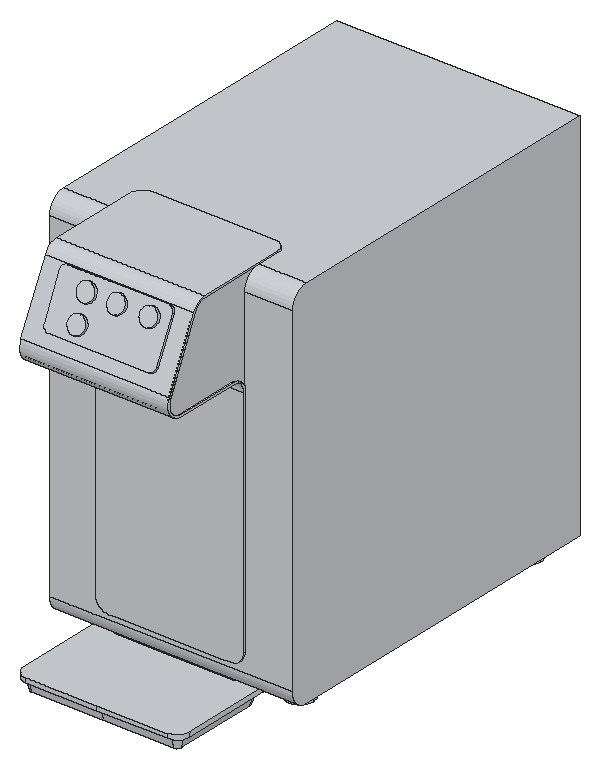
Revit family "DSBSH130UVPC", category Plumbing Fixtures, Revit 2019
Family settings
  Round Connector Dimension = Use Diameter
  Part Type = Normal
  OmniClass Number = 23.45.00.00
  OmniClass Title = Sanitary, Laundry, and Cleaning Equipment
  Work Plane-Based = No
  Always vertical = Yes
  Cut with Voids When Loaded = No
  Shared = No
  Room Calculation Point = No
Parameters (values of type "DSBSH130UVPC")
  Volts/Hertz = "115V/60Hz"
  Refrigerant Gas = "R134a"
  Power Consumption = "1000 W"
  Model = "DSBH130UVPC"
  Manufacturer = "ELKAY"
  Hot Water Tank Capacity = ".265 gallons"
  Heater Rating = "1000 W"
  Filters = "WSF6000R"
  Description = "BLUBAR COUNTERTOP"
  Cooling Capacity = "1.5 GPH"
  BODY = Metal - Stainless Steel
Reference planes (in)
  plane 1 "Center (Front/Back)": y = 0
  plane 2: z = 0
  plane 3 "Center (Left/Right)": x = 0
Forms (in)
  Extrusion 1, solid
    sketch origin (0, 0, 0) x (1, 0, 0) y (0, 1, 0)
      loop
        circle (-4.06474, -2.15584) r 0.57
      loop
        circle (4.06474, -2.15584) r 0.57
      loop
        circle (-4.06474, 9.84416) r 0.57
      loop
        circle (4.06474, 9.84416) r 0.57
    from 0 to 0.53
  Extrusion 2, solid
    sketch origin (3.92258, -13.37925, 0) x (0, -1, 0) y (0, 0, -1)
      loop
        arc (-9.51999, -1.28) -> (-9.73966, -0.74967) -> (-10.26999, -0.53) r 0.75
        line (-10.26999, -0.53) -> (-24.64499, -0.53) -> (-24.64499, -16.405) -> (-10.26999, -16.405)
        arc (-10.26999, -16.405) -> (-9.73966, -16.18533) -> (-9.51999, -15.655) r 0.75
        line (-9.51999, -15.655) -> (-9.51999, -1.28)
    from -9.04758 to 1.20242
  Extrusion 3, solid
    sketch origin (3.9654, 13.58074, 0) x (0, -1, 0) y (0, 0, -1)
      loop
        line (16.6275, -16.405) -> (19.5481, -16.405)
        arc (19.5481, -16.405) -> (19.88012, -16.30951) -> (20.1107, -16.05223) r 0.625
        line (20.1107, -16.05223) -> (21.38086, -13.42723)
        arc (21.38086, -13.42723) -> (21.34777, -12.82297) -> (20.81826, -12.53) r 0.625
        line (20.81826, -12.53) -> (18.065, -12.53)
        arc (18.065, -12.53) -> (17.62306, -12.34694) -> (17.44, -11.905) r 0.625
        line (17.44, -11.905) -> (17.44, -15.5925)
        arc (17.44, -15.5925) -> (17.20202, -16.16702) -> (16.6275, -16.405) r 0.8125
    from -7.0279 to -0.9029
  Extrusion 4, solid
    sketch origin (5.0675, 13.58074, 0) x (0, -1, 0) y (0, 0, -1)
      loop
        line (15.19, -16.405) -> (15.19, -16.4675) -> (19.5481, -16.4675)
        arc (19.5481, -16.4675) -> (19.91333, -16.36246) -> (20.16696, -16.07945) r 0.6875
        line (20.16696, -16.07945) -> (21.43712, -13.45445)
        arc (21.43712, -13.45445) -> (21.40072, -12.78977) -> (20.81826, -12.4675) r 0.6875
        line (20.81826, -12.4675) -> (18.065, -12.4675)
        arc (18.065, -12.4675) -> (17.66725, -12.30275) -> (17.5025, -11.905) r 0.5625
        line (17.5025, -11.905) -> (17.5025, -1.53) -> (17.44, -1.53) -> (17.44, -11.905)
        arc (17.44, -11.905) -> (17.62306, -12.34694) -> (18.065, -12.53) r 0.625
        line (18.065, -12.53) -> (20.81826, -12.53)
        arc (20.81826, -12.53) -> (21.34777, -12.82297) -> (21.38086, -13.42723) r 0.625
        line (21.38086, -13.42723) -> (20.1107, -16.05223)
        arc (20.1107, -16.05223) -> (19.88012, -16.30951) -> (19.5481, -16.405) r 0.625
        line (19.5481, -16.405) -> (15.19, -16.405)
    from -8.1925 to -1.9425
  Extrusion 5, void
    sketch origin (0, 0, 0) x (1, 0, 0) y (0, 1, 0)
      loop
        line (-2.5625, -1.60926) -> (-2.5625, -1.35926) -> (-3.31095, -1.35926) -> (-3.31095, -2.17176) -> (-3.125, -2.17176)
        arc (-3.125, -2.17176) -> (-2.96025, -1.77402) -> (-2.5625, -1.60926) r 0.5625
      loop
        arc (2.5625, -1.60926) -> (2.96025, -1.77402) -> (3.125, -2.17176) r 0.5625
        line (3.125, -2.17176) -> (3.31095, -2.17176) -> (3.31095, -1.35926) -> (2.5625, -1.35926) -> (2.5625, -1.60926)
    from 16.405 to 16.58746
  Extrusion 6, void
    sketch origin (5.0675, -3.92176, 12.53) x (0, 0, 1) y (1, 0, 0)
      loop
        arc (-10.4375, -8.1925) -> (-10.83525, -8.02775) -> (-11, -7.63) r 0.5625
        line (-11, -7.63) -> (-11, -7.33323) -> (-11.14016, -7.33323) -> (-11.14016, -8.4425) -> (-10.05481, -8.4425) -> (-10.05481, -8.1925) -> (-10.4375, -8.1925)
      loop
        line (-10.4375, -1.9425) -> (-10.05481, -1.9425) -> (-10.05481, -1.6925) -> (-11.14016, -1.6925) -> (-11.14016, -2.80177) -> (-11, -2.80177) -> (-11, -2.505)
        arc (-11, -2.505) -> (-10.83525, -2.10725) -> (-10.4375, -1.9425) r 0.5625
    from 0.0625 to -0.45053
  Extrusion 7, solid
    sketch origin (5.0675, -6.4244, 16.41387) x (0, -0.435561, -0.900159) y (1, 0, 0)
      loop
        arc (0.37639, -7.1925) -> (0.44961, -7.36928) -> (0.62639, -7.4425) r 0.25
        line (0.62639, -7.4425) -> (2.50139, -7.4425)
        arc (2.50139, -7.4425) -> (2.67817, -7.36928) -> (2.75139, -7.1925) r 0.25
        line (2.75139, -7.1925) -> (2.75139, -2.9425)
        arc (2.75139, -2.9425) -> (2.67817, -2.76572) -> (2.50139, -2.6925) r 0.25
        line (2.50139, -2.6925) -> (0.62639, -2.6925)
        arc (0.62639, -2.6925) -> (0.44961, -2.76572) -> (0.37639, -2.9425) r 0.25
        line (0.37639, -2.9425) -> (0.37639, -7.1925)
    from 0 to 0.0625
  Extrusion 8, solid
    sketch origin (4.79066, -6.37516, 16.65913) x (0, -0.435561, -0.900159) y (1, 0, 0)
      loop
        circle (1.24703, -5.876) r 0.375
    from 0 to 0.09375
  Extrusion 9, solid
    sketch origin (4.79066, -7.95386, 13.39649) x (0, 0.435561, 0.900159) y (-1, 0, 0)
      loop
        circle (1.24703, 5.876) r 0.375
    from 0 to 0.09375
  Extrusion 10, solid
    sketch origin (6.06548, -6.37516, 16.65913) x (0, -0.435561, -0.900159) y (1, 0, 0)
      loop
        circle (1.24703, -5.876) r 0.375
    from 0 to 0.09375
  Extrusion 11, solid
    sketch origin (7.44048, -6.37516, 16.65913) x (0, -0.435561, -0.900159) y (1, 0, 0)
      loop
        circle (1.24703, -5.876) r 0.375
    from 0 to 0.09375
  Extrusion 12, solid
    sketch origin (3.9654, -3.85926, 12.53) x (-1, 0, 0) y (0, 1, 0)
      loop
        circle (3.9654, -2.00163) r 0.5
    from 0 to 0.3578
  Extrusion 13, solid
    sketch origin (11.3125, 3.4197, 0.49295) x (1, 0, 0) y (0, 1, 0)
      loop
        line (-11.3125, -7.05562) -> (-13.8125, -7.05562)
        arc (-13.8125, -7.05562) -> (-13.90089, -7.01901) -> (-13.9375, -6.93062) r 0.125
        line (-13.9375, -6.93062) -> (-13.9375, -6.80562)
        arc (-13.9375, -6.80562) -> (-13.97411, -6.71723) -> (-14.0625, -6.68062) r 0.125
        line (-14.0625, -6.68062) -> (-14.6875, -6.68062)
        arc (-14.6875, -6.68062) -> (-14.77589, -6.71723) -> (-14.8125, -6.80562) r 0.125
        line (-14.8125, -6.80562) -> (-14.8125, -10.68062)
        arc (-14.8125, -10.68062) -> (-14.66605, -11.03417) -> (-14.3125, -11.18062) r 0.5
        line (-14.3125, -11.18062) -> (-11.3125, -11.18062) -> (-8.3125, -11.18062)
        arc (-8.3125, -11.18062) -> (-7.95895, -11.03417) -> (-7.8125, -10.68062) r 0.5
        line (-7.8125, -10.68062) -> (-7.8125, -6.80562)
        arc (-7.8125, -6.80562) -> (-7.84911, -6.71723) -> (-7.9375, -6.68062) r 0.125
        line (-7.9375, -6.68062) -> (-8.5625, -6.68062)
        arc (-8.5625, -6.68062) -> (-8.65089, -6.71723) -> (-8.6875, -6.80562) r 0.125
        line (-8.6875, -6.80562) -> (-8.6875, -6.93062)
        arc (-8.6875, -6.93062) -> (-8.72411, -7.01901) -> (-8.8125, -7.05562) r 0.125
        line (-8.8125, -7.05562) -> (-11.3125, -7.05562)
    from 0 to 0.1875
  Blend 14, solid
    base sketch origin (11.3125, 3.4197, 0.49295) x (1, 0, 0) y (0, 1, 0)
      loop
        arc (-13.8125, -7.24312) -> (-14.01708, -7.16685) -> (-14.12179, -6.97526) r 0.3125
        arc (-14.12179, -6.97526) -> (-14.16368, -6.89863) -> (-14.24551, -6.86812) r 0.125
        line (-14.24551, -6.86812) -> (-14.5, -6.86812)
        arc (-14.5, -6.86812) -> (-14.58839, -6.90473) -> (-14.625, -6.99312) r 0.125
        line (-14.625, -6.99312) -> (-14.625, -10.68062)
        arc (-14.625, -10.68062) -> (-14.53347, -10.90159) -> (-14.3125, -10.99312) r 0.3125
        line (-14.3125, -10.99312) -> (-11.3125, -10.99312) -> (-8.3125, -10.99312)
        arc (-8.3125, -10.99312) -> (-8.09153, -10.90159) -> (-8, -10.68062) r 0.3125
        line (-8, -10.68062) -> (-8, -6.99312)
        arc (-8, -6.99312) -> (-8.03661, -6.90473) -> (-8.125, -6.86812) r 0.125
        line (-8.125, -6.86812) -> (-8.37949, -6.86812)
        arc (-8.37949, -6.86812) -> (-8.46132, -6.89863) -> (-8.50321, -6.97526) r 0.125
        arc (-8.50321, -6.97526) -> (-8.60792, -7.16685) -> (-8.8125, -7.24312) r 0.3125
        line (-8.8125, -7.24312) -> (-11.3125, -7.24312) -> (-13.8125, -7.24312)
    top sketch origin (11.3125, 3.4197, 0.49295) x (1, 0, 0) y (0, 1, 0)
      loop
        line (-14.5, -7.11812) -> (-14.5, -10.68062)
        arc (-14.5, -10.68062) -> (-14.44508, -10.8132) -> (-14.3125, -10.86812) r 0.1875
        line (-14.3125, -10.86812) -> (-11.3125, -10.86812) -> (-8.3125, -10.86812)
        arc (-8.3125, -10.86812) -> (-8.17992, -10.8132) -> (-8.125, -10.68062) r 0.1875
        line (-8.125, -10.68062) -> (-8.125, -7.11812)
        arc (-8.125, -7.11812) -> (-8.16161, -7.02973) -> (-8.25, -6.99312) r 0.125
        line (-8.25, -6.99312) -> (-8.28217, -6.99312)
        arc (-8.28217, -6.99312) -> (-8.35434, -7.01606) -> (-8.40002, -7.07645) r 0.125
        arc (-8.40002, -7.07645) -> (-8.55991, -7.28784) -> (-8.8125, -7.36812) r 0.4375
        line (-8.8125, -7.36812) -> (-11.3125, -7.36812) -> (-13.8125, -7.36812)
        arc (-13.8125, -7.36812) -> (-14.06509, -7.28784) -> (-14.22498, -7.07645) r 0.4375
        arc (-14.22498, -7.07645) -> (-14.27066, -7.01606) -> (-14.34283, -6.99312) r 0.125
        line (-14.34283, -6.99312) -> (-14.375, -6.99312)
        arc (-14.375, -6.99312) -> (-14.46339, -7.02973) -> (-14.5, -7.11812) r 0.125
    from 0 to -0.49295
Cuts and joins
  Extrusion 5 cuts Extrusion 1
  Extrusion 5, Extrusion 6 cuts Extrusion 2
  Extrusion 5, Extrusion 6 cuts Extrusion 4
Lines and regions (in)
  reference lines
    curve 1: line (0, 16.08074, 0) -> (0, -17.41926, 0)
    curve 2: line (0, 16.08074, 0.53) -> (0, -17.41926, 0.53)
    curve 3: line (-13.75, 0, 17.43) -> (14.25, 0, 17.43)
    curve 4: line (-2.3485, 0, 15.73) -> (-2.3485, 0, 23.98)
    curve 5: line (2.3715, 0, 15.23) -> (2.3715, 0, 23.98)
    curve 6: line (0, -2.91926, 19.23) -> (0, -2.91926, 21.73)
    curve 7: line (0, 15.42701, 19.76) -> (0, -18.07299, 19.76)
  model lines
    curve 8: line (-5.13, 8.73443, 1.50825) -> (-5.13, 8.73443, 3.35225)
    curve 9: line (-5.13, 8.59693, 3.41475) -> (-5.13, 8.67193, 3.41475)
    curve 10: line (-5.13, 8.59693, 1.44575) -> (-5.13, 8.67193, 1.44575)
    curve 11: line (-5.13, 8.53443, 1.50825) -> (-5.13, 8.53443, 3.35225)
    curve 12: arc (-5.13, 8.59693, 3.41475) -> (-5.13, 8.55273, 3.39644) -> (-5.13, 8.53443, 3.35225) r 0.0625
    curve 13: arc (-5.13, 8.67193, 3.41475) -> (-5.13, 8.71612, 3.39644) -> (-5.13, 8.73443, 3.35225) r 0.0625
    curve 14: arc (-5.13, 8.53443, 1.50825) -> (-5.13, 8.55273, 1.46406) -> (-5.13, 8.59693, 1.44575) r 0.0625
    curve 15: arc (-5.13, 8.67193, 1.44575) -> (-5.13, 8.71612, 1.46406) -> (-5.13, 8.73443, 1.50825) r 0.0625
    curve 16: line (-5.13, 8.31443, 1.50825) -> (-5.13, 8.31443, 3.35225)
    curve 17: line (-5.13, 8.17693, 3.41475) -> (-5.13, 8.25193, 3.41475)
    curve 18: line (-5.13, 8.17693, 1.44575) -> (-5.13, 8.25193, 1.44575)
    curve 19: line (-5.13, 8.11443, 1.50825) -> (-5.13, 8.11443, 3.35225)
    curve 20: arc (-5.13, 8.17693, 3.41475) -> (-5.13, 8.13273, 3.39644) -> (-5.13, 8.11443, 3.35225) r 0.0625
    curve 21: arc (-5.13, 8.25193, 3.41475) -> (-5.13, 8.29612, 3.39644) -> (-5.13, 8.31443, 3.35225) r 0.0625
    curve 22: arc (-5.13, 8.11443, 1.50825) -> (-5.13, 8.13273, 1.46406) -> (-5.13, 8.17693, 1.44575) r 0.0625
    curve 23: arc (-5.13, 8.25193, 1.44575) -> (-5.13, 8.29612, 1.46406) -> (-5.13, 8.31443, 1.50825) r 0.0625
    curve 24: line (-5.13, 7.89443, 1.50825) -> (-5.13, 7.89443, 3.35225)
    curve 25: line (-5.13, 7.75693, 3.41475) -> (-5.13, 7.83193, 3.41475)
    curve 26: line (-5.13, 7.75693, 1.44575) -> (-5.13, 7.83193, 1.44575)
    curve 27: line (-5.13, 7.69443, 1.50825) -> (-5.13, 7.69443, 3.35225)
    curve 28: arc (-5.13, 7.75693, 3.41475) -> (-5.13, 7.71273, 3.39644) -> (-5.13, 7.69443, 3.35225) r 0.0625
    curve 29: arc (-5.13, 7.83193, 3.41475) -> (-5.13, 7.87612, 3.39644) -> (-5.13, 7.89443, 3.35225) r 0.0625
    curve 30: arc (-5.13, 7.69443, 1.50825) -> (-5.13, 7.71273, 1.46406) -> (-5.13, 7.75693, 1.44575) r 0.0625
    curve 31: arc (-5.13, 7.83193, 1.44575) -> (-5.13, 7.87612, 1.46406) -> (-5.13, 7.89443, 1.50825) r 0.0625
    curve 32: line (-5.13, 7.47443, 1.50825) -> (-5.13, 7.47443, 3.35225)
    curve 33: line (-5.13, 7.33693, 3.41475) -> (-5.13, 7.41193, 3.41475)
    curve 34: line (-5.13, 7.33693, 1.44575) -> (-5.13, 7.41193, 1.44575)
    curve 35: line (-5.13, 7.27443, 1.50825) -> (-5.13, 7.27443, 3.35225)
    curve 36: arc (-5.13, 7.33693, 3.41475) -> (-5.13, 7.29273, 3.39644) -> (-5.13, 7.27443, 3.35225) r 0.0625
    curve 37: arc (-5.13, 7.41193, 3.41475) -> (-5.13, 7.45612, 3.39644) -> (-5.13, 7.47443, 3.35225) r 0.0625
    curve 38: arc (-5.13, 7.27443, 1.50825) -> (-5.13, 7.29273, 1.46406) -> (-5.13, 7.33693, 1.44575) r 0.0625
    curve 39: arc (-5.13, 7.41193, 1.44575) -> (-5.13, 7.45612, 1.46406) -> (-5.13, 7.47443, 1.50825) r 0.0625
    curve 40: line (-5.13, 7.05443, 1.50825) -> (-5.13, 7.05443, 3.35225)
    curve 41: line (-5.13, 6.91693, 3.41475) -> (-5.13, 6.99193, 3.41475)
    curve 42: line (-5.13, 6.91693, 1.44575) -> (-5.13, 6.99193, 1.44575)
    curve 43: line (-5.13, 6.85443, 1.50825) -> (-5.13, 6.85443, 3.35225)
    curve 44: arc (-5.13, 6.91693, 3.41475) -> (-5.13, 6.87273, 3.39644) -> (-5.13, 6.85443, 3.35225) r 0.0625
    curve 45: arc (-5.13, 6.99193, 3.41475) -> (-5.13, 7.03612, 3.39644) -> (-5.13, 7.05443, 3.35225) r 0.0625
    curve 46: arc (-5.13, 6.85443, 1.50825) -> (-5.13, 6.87273, 1.46406) -> (-5.13, 6.91693, 1.44575) r 0.0625
    curve 47: arc (-5.13, 6.99193, 1.44575) -> (-5.13, 7.03612, 1.46406) -> (-5.13, 7.05443, 1.50825) r 0.0625
    curve 48: line (-5.13, 6.63443, 1.50825) -> (-5.13, 6.63443, 3.35225)
    curve 49: line (-5.13, 6.49693, 3.41475) -> (-5.13, 6.57193, 3.41475)
    curve 50: line (-5.13, 6.49693, 1.44575) -> (-5.13, 6.57193, 1.44575)
    curve 51: line (-5.13, 6.43443, 1.50825) -> (-5.13, 6.43443, 3.35225)
    curve 52: arc (-5.13, 6.49693, 3.41475) -> (-5.13, 6.45273, 3.39644) -> (-5.13, 6.43443, 3.35225) r 0.0625
    curve 53: arc (-5.13, 6.57193, 3.41475) -> (-5.13, 6.61612, 3.39644) -> (-5.13, 6.63443, 3.35225) r 0.0625
    curve 54: arc (-5.13, 6.43443, 1.50825) -> (-5.13, 6.45273, 1.46406) -> (-5.13, 6.49693, 1.44575) r 0.0625
    curve 55: arc (-5.13, 6.57193, 1.44575) -> (-5.13, 6.61612, 1.46406) -> (-5.13, 6.63443, 1.50825) r 0.0625
    curve 56: line (-5.13, 6.21443, 1.50825) -> (-5.13, 6.21443, 3.35225)
    curve 57: line (-5.13, 6.07693, 3.41475) -> (-5.13, 6.15193, 3.41475)
    curve 58: line (-5.13, 6.07693, 1.44575) -> (-5.13, 6.15193, 1.44575)
    curve 59: line (-5.13, 6.01443, 1.50825) -> (-5.13, 6.01443, 3.35225)
    curve 60: arc (-5.13, 6.07693, 3.41475) -> (-5.13, 6.03273, 3.39644) -> (-5.13, 6.01443, 3.35225) r 0.0625
    curve 61: arc (-5.13, 6.15193, 3.41475) -> (-5.13, 6.19612, 3.39644) -> (-5.13, 6.21443, 3.35225) r 0.0625
    curve 62: arc (-5.13, 6.01443, 1.50825) -> (-5.13, 6.03273, 1.46406) -> (-5.13, 6.07693, 1.44575) r 0.0625
    curve 63: arc (-5.13, 6.15193, 1.44575) -> (-5.13, 6.19612, 1.46406) -> (-5.13, 6.21443, 1.50825) r 0.0625
    curve 64: line (-5.13, 5.79443, 1.50825) -> (-5.13, 5.79443, 3.35225)
    curve 65: line (-5.13, 5.65693, 3.41475) -> (-5.13, 5.73193, 3.41475)
    curve 66: line (-5.13, 5.65693, 1.44575) -> (-5.13, 5.73193, 1.44575)
    curve 67: line (-5.13, 5.59443, 1.50825) -> (-5.13, 5.59443, 3.35225)
    curve 68: arc (-5.13, 5.65693, 3.41475) -> (-5.13, 5.61273, 3.39644) -> (-5.13, 5.59443, 3.35225) r 0.0625
    curve 69: arc (-5.13, 5.73193, 3.41475) -> (-5.13, 5.77612, 3.39644) -> (-5.13, 5.79443, 3.35225) r 0.0625
    curve 70: arc (-5.13, 5.59443, 1.50825) -> (-5.13, 5.61273, 1.46406) -> (-5.13, 5.65693, 1.44575) r 0.0625
    curve 71: arc (-5.13, 5.73193, 1.44575) -> (-5.13, 5.77612, 1.46406) -> (-5.13, 5.79443, 1.50825) r 0.0625
    curve 72: line (-5.13, 5.37443, 1.50825) -> (-5.13, 5.37443, 3.35225)
    curve 73: line (-5.13, 5.23693, 3.41475) -> (-5.13, 5.31193, 3.41475)
    curve 74: line (-5.13, 5.23693, 1.44575) -> (-5.13, 5.31193, 1.44575)
    curve 75: line (-5.13, 5.17443, 1.50825) -> (-5.13, 5.17443, 3.35225)
    curve 76: arc (-5.13, 5.23693, 3.41475) -> (-5.13, 5.19273, 3.39644) -> (-5.13, 5.17443, 3.35225) r 0.0625
    curve 77: arc (-5.13, 5.31193, 3.41475) -> (-5.13, 5.35612, 3.39644) -> (-5.13, 5.37443, 3.35225) r 0.0625
    curve 78: arc (-5.13, 5.17443, 1.50825) -> (-5.13, 5.19273, 1.46406) -> (-5.13, 5.23693, 1.44575) r 0.0625
    curve 79: arc (-5.13, 5.31193, 1.44575) -> (-5.13, 5.35612, 1.46406) -> (-5.13, 5.37443, 1.50825) r 0.0625
    curve 80: line (-5.13, 4.95443, 1.50825) -> (-5.13, 4.95443, 3.35225)
    curve 81: line (-5.13, 4.81693, 3.41475) -> (-5.13, 4.89193, 3.41475)
    curve 82: line (-5.13, 4.81693, 1.44575) -> (-5.13, 4.89193, 1.44575)
    curve 83: line (-5.13, 4.75443, 1.50825) -> (-5.13, 4.75443, 3.35225)
    curve 84: arc (-5.13, 4.81693, 3.41475) -> (-5.13, 4.77273, 3.39644) -> (-5.13, 4.75443, 3.35225) r 0.0625
    curve 85: arc (-5.13, 4.89193, 3.41475) -> (-5.13, 4.93612, 3.39644) -> (-5.13, 4.95443, 3.35225) r 0.0625
    curve 86: arc (-5.13, 4.75443, 1.50825) -> (-5.13, 4.77273, 1.46406) -> (-5.13, 4.81693, 1.44575) r 0.0625
    curve 87: arc (-5.13, 4.89193, 1.44575) -> (-5.13, 4.93612, 1.46406) -> (-5.13, 4.95443, 1.50825) r 0.0625
    curve 88: line (-5.13, 8.73443, 3.63109) -> (-5.13, 8.73443, 5.47509)
    curve 89: line (-5.13, 8.59693, 5.53759) -> (-5.13, 8.67193, 5.53759)
    curve 90: line (-5.13, 8.59693, 3.56859) -> (-5.13, 8.67193, 3.56859)
    curve 91: line (-5.13, 8.53443, 3.63109) -> (-5.13, 8.53443, 5.47509)
    curve 92: arc (-5.13, 8.59693, 5.53759) -> (-5.13, 8.55273, 5.51929) -> (-5.13, 8.53443, 5.47509) r 0.0625
    curve 93: arc (-5.13, 8.67193, 5.53759) -> (-5.13, 8.71612, 5.51929) -> (-5.13, 8.73443, 5.47509) r 0.0625
    curve 94: arc (-5.13, 8.53443, 3.63109) -> (-5.13, 8.55273, 3.5869) -> (-5.13, 8.59693, 3.56859) r 0.0625
    curve 95: arc (-5.13, 8.67193, 3.56859) -> (-5.13, 8.71612, 3.5869) -> (-5.13, 8.73443, 3.63109) r 0.0625
    curve 96: line (-5.13, 8.31443, 3.63109) -> (-5.13, 8.31443, 5.47509)
    curve 97: line (-5.13, 8.17693, 5.53759) -> (-5.13, 8.25193, 5.53759)
    curve 98: line (-5.13, 8.17693, 3.56859) -> (-5.13, 8.25193, 3.56859)
    curve 99: line (-5.13, 8.11443, 3.63109) -> (-5.13, 8.11443, 5.47509)
    curve 100: arc (-5.13, 8.17693, 5.53759) -> (-5.13, 8.13273, 5.51929) -> (-5.13, 8.11443, 5.47509) r 0.0625
    curve 101: arc (-5.13, 8.25193, 5.53759) -> (-5.13, 8.29612, 5.51929) -> (-5.13, 8.31443, 5.47509) r 0.0625
    curve 102: arc (-5.13, 8.11443, 3.63109) -> (-5.13, 8.13273, 3.5869) -> (-5.13, 8.17693, 3.56859) r 0.0625
    curve 103: arc (-5.13, 8.25193, 3.56859) -> (-5.13, 8.29612, 3.5869) -> (-5.13, 8.31443, 3.63109) r 0.0625
    curve 104: line (-5.13, 7.89443, 3.63109) -> (-5.13, 7.89443, 5.47509)
    curve 105: line (-5.13, 7.75693, 5.53759) -> (-5.13, 7.83193, 5.53759)
    curve 106: line (-5.13, 7.75693, 3.56859) -> (-5.13, 7.83193, 3.56859)
    curve 107: line (-5.13, 7.69443, 3.63109) -> (-5.13, 7.69443, 5.47509)
    curve 108: arc (-5.13, 7.75693, 5.53759) -> (-5.13, 7.71273, 5.51929) -> (-5.13, 7.69443, 5.47509) r 0.0625
    curve 109: arc (-5.13, 7.83193, 5.53759) -> (-5.13, 7.87612, 5.51929) -> (-5.13, 7.89443, 5.47509) r 0.0625
    curve 110: arc (-5.13, 7.69443, 3.63109) -> (-5.13, 7.71273, 3.5869) -> (-5.13, 7.75693, 3.56859) r 0.0625
    curve 111: arc (-5.13, 7.83193, 3.56859) -> (-5.13, 7.87612, 3.5869) -> (-5.13, 7.89443, 3.63109) r 0.0625
    curve 112: line (-5.13, 7.47443, 3.63109) -> (-5.13, 7.47443, 5.47509)
    curve 113: line (-5.13, 7.33693, 5.53759) -> (-5.13, 7.41193, 5.53759)
    curve 114: line (-5.13, 7.33693, 3.56859) -> (-5.13, 7.41193, 3.56859)
    curve 115: line (-5.13, 7.27443, 3.63109) -> (-5.13, 7.27443, 5.47509)
    curve 116: arc (-5.13, 7.33693, 5.53759) -> (-5.13, 7.29273, 5.51929) -> (-5.13, 7.27443, 5.47509) r 0.0625
    curve 117: arc (-5.13, 7.41193, 5.53759) -> (-5.13, 7.45612, 5.51929) -> (-5.13, 7.47443, 5.47509) r 0.0625
    curve 118: arc (-5.13, 7.27443, 3.63109) -> (-5.13, 7.29273, 3.5869) -> (-5.13, 7.33693, 3.56859) r 0.0625
    curve 119: arc (-5.13, 7.41193, 3.56859) -> (-5.13, 7.45612, 3.5869) -> (-5.13, 7.47443, 3.63109) r 0.0625
    curve 120: line (-5.13, 7.05443, 3.63109) -> (-5.13, 7.05443, 5.47509)
    curve 121: line (-5.13, 6.91693, 5.53759) -> (-5.13, 6.99193, 5.53759)
    curve 122: line (-5.13, 6.91693, 3.56859) -> (-5.13, 6.99193, 3.56859)
    curve 123: line (-5.13, 6.85443, 3.63109) -> (-5.13, 6.85443, 5.47509)
    curve 124: arc (-5.13, 6.91693, 5.53759) -> (-5.13, 6.87273, 5.51929) -> (-5.13, 6.85443, 5.47509) r 0.0625
    curve 125: arc (-5.13, 6.99193, 5.53759) -> (-5.13, 7.03612, 5.51929) -> (-5.13, 7.05443, 5.47509) r 0.0625
    curve 126: arc (-5.13, 6.85443, 3.63109) -> (-5.13, 6.87273, 3.5869) -> (-5.13, 6.91693, 3.56859) r 0.0625
    curve 127: arc (-5.13, 6.99193, 3.56859) -> (-5.13, 7.03612, 3.5869) -> (-5.13, 7.05443, 3.63109) r 0.0625
    curve 128: line (-5.13, 6.63443, 3.63109) -> (-5.13, 6.63443, 5.47509)
    curve 129: line (-5.13, 6.49693, 5.53759) -> (-5.13, 6.57193, 5.53759)
    curve 130: line (-5.13, 6.49693, 3.56859) -> (-5.13, 6.57193, 3.56859)
    curve 131: line (-5.13, 6.43443, 3.63109) -> (-5.13, 6.43443, 5.47509)
    curve 132: arc (-5.13, 6.49693, 5.53759) -> (-5.13, 6.45273, 5.51929) -> (-5.13, 6.43443, 5.47509) r 0.0625
    curve 133: arc (-5.13, 6.57193, 5.53759) -> (-5.13, 6.61612, 5.51929) -> (-5.13, 6.63443, 5.47509) r 0.0625
    curve 134: arc (-5.13, 6.43443, 3.63109) -> (-5.13, 6.45273, 3.5869) -> (-5.13, 6.49693, 3.56859) r 0.0625
    curve 135: arc (-5.13, 6.57193, 3.56859) -> (-5.13, 6.61612, 3.5869) -> (-5.13, 6.63443, 3.63109) r 0.0625
    curve 136: line (-5.13, 6.21443, 3.63109) -> (-5.13, 6.21443, 5.47509)
    curve 137: line (-5.13, 6.07693, 5.53759) -> (-5.13, 6.15193, 5.53759)
    curve 138: line (-5.13, 6.07693, 3.56859) -> (-5.13, 6.15193, 3.56859)
    curve 139: line (-5.13, 6.01443, 3.63109) -> (-5.13, 6.01443, 5.47509)
    curve 140: arc (-5.13, 6.07693, 5.53759) -> (-5.13, 6.03273, 5.51929) -> (-5.13, 6.01443, 5.47509) r 0.0625
    curve 141: arc (-5.13, 6.15193, 5.53759) -> (-5.13, 6.19612, 5.51929) -> (-5.13, 6.21443, 5.47509) r 0.0625
    curve 142: arc (-5.13, 6.01443, 3.63109) -> (-5.13, 6.03273, 3.5869) -> (-5.13, 6.07693, 3.56859) r 0.0625
    curve 143: arc (-5.13, 6.15193, 3.56859) -> (-5.13, 6.19612, 3.5869) -> (-5.13, 6.21443, 3.63109) r 0.0625
    curve 144: line (-5.13, 5.79443, 3.63109) -> (-5.13, 5.79443, 5.47509)
    curve 145: line (-5.13, 5.65693, 5.53759) -> (-5.13, 5.73193, 5.53759)
    curve 146: line (-5.13, 5.65693, 3.56859) -> (-5.13, 5.73193, 3.56859)
    curve 147: line (-5.13, 5.59443, 3.63109) -> (-5.13, 5.59443, 5.47509)
    curve 148: arc (-5.13, 5.65693, 5.53759) -> (-5.13, 5.61273, 5.51929) -> (-5.13, 5.59443, 5.47509) r 0.0625
    curve 149: arc (-5.13, 5.73193, 5.53759) -> (-5.13, 5.77612, 5.51929) -> (-5.13, 5.79443, 5.47509) r 0.0625
    curve 150: arc (-5.13, 5.59443, 3.63109) -> (-5.13, 5.61273, 3.5869) -> (-5.13, 5.65693, 3.56859) r 0.0625
    curve 151: arc (-5.13, 5.73193, 3.56859) -> (-5.13, 5.77612, 3.5869) -> (-5.13, 5.79443, 3.63109) r 0.0625
    curve 152: line (-5.13, 5.37443, 3.63109) -> (-5.13, 5.37443, 5.47509)
    curve 153: line (-5.13, 5.23693, 5.53759) -> (-5.13, 5.31193, 5.53759)
    curve 154: line (-5.13, 5.23693, 3.56859) -> (-5.13, 5.31193, 3.56859)
    curve 155: line (-5.13, 5.17443, 3.63109) -> (-5.13, 5.17443, 5.47509)
    curve 156: arc (-5.13, 5.23693, 5.53759) -> (-5.13, 5.19273, 5.51929) -> (-5.13, 5.17443, 5.47509) r 0.0625
    curve 157: arc (-5.13, 5.31193, 5.53759) -> (-5.13, 5.35612, 5.51929) -> (-5.13, 5.37443, 5.47509) r 0.0625
    curve 158: arc (-5.13, 5.17443, 3.63109) -> (-5.13, 5.19273, 3.5869) -> (-5.13, 5.23693, 3.56859) r 0.0625
    curve 159: arc (-5.13, 5.31193, 3.56859) -> (-5.13, 5.35612, 3.5869) -> (-5.13, 5.37443, 3.63109) r 0.0625
    curve 160: line (-5.13, 4.95443, 3.63109) -> (-5.13, 4.95443, 5.47509)
    curve 161: line (-5.13, 4.81693, 5.53759) -> (-5.13, 4.89193, 5.53759)
    curve 162: line (-5.13, 4.81693, 3.56859) -> (-5.13, 4.89193, 3.56859)
    curve 163: line (-5.13, 4.75443, 3.63109) -> (-5.13, 4.75443, 5.47509)
    curve 164: arc (-5.13, 4.81693, 5.53759) -> (-5.13, 4.77273, 5.51929) -> (-5.13, 4.75443, 5.47509) r 0.0625
    curve 165: arc (-5.13, 4.89193, 5.53759) -> (-5.13, 4.93612, 5.51929) -> (-5.13, 4.95443, 5.47509) r 0.0625
    curve 166: arc (-5.13, 4.75443, 3.63109) -> (-5.13, 4.77273, 3.5869) -> (-5.13, 4.81693, 3.56859) r 0.0625
    curve 167: arc (-5.13, 4.89193, 3.56859) -> (-5.13, 4.93612, 3.5869) -> (-5.13, 4.95443, 3.63109) r 0.0625
    curve 168: line (-5.13, 8.73443, 5.75394) -> (-5.13, 8.73443, 7.59794)
    curve 169: line (-5.13, 8.59693, 7.66044) -> (-5.13, 8.67193, 7.66044)
    curve 170: line (-5.13, 8.59693, 5.69144) -> (-5.13, 8.67193, 5.69144)
    curve 171: line (-5.13, 8.53443, 5.75394) -> (-5.13, 8.53443, 7.59794)
    curve 172: arc (-5.13, 8.59693, 7.66044) -> (-5.13, 8.55273, 7.64213) -> (-5.13, 8.53443, 7.59794) r 0.0625
    curve 173: arc (-5.13, 8.67193, 7.66044) -> (-5.13, 8.71612, 7.64213) -> (-5.13, 8.73443, 7.59794) r 0.0625
    curve 174: arc (-5.13, 8.53443, 5.75394) -> (-5.13, 8.55273, 5.70974) -> (-5.13, 8.59693, 5.69144) r 0.0625
    curve 175: arc (-5.13, 8.67193, 5.69144) -> (-5.13, 8.71612, 5.70974) -> (-5.13, 8.73443, 5.75394) r 0.0625
    curve 176: line (-5.13, 8.31443, 5.75394) -> (-5.13, 8.31443, 7.59794)
    curve 177: line (-5.13, 8.17693, 7.66044) -> (-5.13, 8.25193, 7.66044)
    curve 178: line (-5.13, 8.17693, 5.69144) -> (-5.13, 8.25193, 5.69144)
    curve 179: line (-5.13, 8.11443, 5.75394) -> (-5.13, 8.11443, 7.59794)
    curve 180: arc (-5.13, 8.17693, 7.66044) -> (-5.13, 8.13273, 7.64213) -> (-5.13, 8.11443, 7.59794) r 0.0625
    curve 181: arc (-5.13, 8.25193, 7.66044) -> (-5.13, 8.29612, 7.64213) -> (-5.13, 8.31443, 7.59794) r 0.0625
    curve 182: arc (-5.13, 8.11443, 5.75394) -> (-5.13, 8.13273, 5.70974) -> (-5.13, 8.17693, 5.69144) r 0.0625
    curve 183: arc (-5.13, 8.25193, 5.69144) -> (-5.13, 8.29612, 5.70974) -> (-5.13, 8.31443, 5.75394) r 0.0625
    curve 184: line (-5.13, 7.89443, 5.75394) -> (-5.13, 7.89443, 7.59794)
    curve 185: line (-5.13, 7.75693, 7.66044) -> (-5.13, 7.83193, 7.66044)
    curve 186: line (-5.13, 7.75693, 5.69144) -> (-5.13, 7.83193, 5.69144)
    curve 187: line (-5.13, 7.69443, 5.75394) -> (-5.13, 7.69443, 7.59794)
    curve 188: arc (-5.13, 7.75693, 7.66044) -> (-5.13, 7.71273, 7.64213) -> (-5.13, 7.69443, 7.59794) r 0.0625
    curve 189: arc (-5.13, 7.83193, 7.66044) -> (-5.13, 7.87612, 7.64213) -> (-5.13, 7.89443, 7.59794) r 0.0625
    curve 190: arc (-5.13, 7.69443, 5.75394) -> (-5.13, 7.71273, 5.70974) -> (-5.13, 7.75693, 5.69144) r 0.0625
    curve 191: arc (-5.13, 7.83193, 5.69144) -> (-5.13, 7.87612, 5.70974) -> (-5.13, 7.89443, 5.75394) r 0.0625
    curve 192: line (-5.13, 7.47443, 5.75394) -> (-5.13, 7.47443, 7.59794)
    curve 193: line (-5.13, 7.33693, 7.66044) -> (-5.13, 7.41193, 7.66044)
    curve 194: line (-5.13, 7.33693, 5.69144) -> (-5.13, 7.41193, 5.69144)
    curve 195: line (-5.13, 7.27443, 5.75394) -> (-5.13, 7.27443, 7.59794)
    curve 196: arc (-5.13, 7.33693, 7.66044) -> (-5.13, 7.29273, 7.64213) -> (-5.13, 7.27443, 7.59794) r 0.0625
    curve 197: arc (-5.13, 7.41193, 7.66044) -> (-5.13, 7.45612, 7.64213) -> (-5.13, 7.47443, 7.59794) r 0.0625
    curve 198: arc (-5.13, 7.27443, 5.75394) -> (-5.13, 7.29273, 5.70974) -> (-5.13, 7.33693, 5.69144) r 0.0625
    curve 199: arc (-5.13, 7.41193, 5.69144) -> (-5.13, 7.45612, 5.70974) -> (-5.13, 7.47443, 5.75394) r 0.0625
    curve 200: line (-5.13, 7.05443, 5.75394) -> (-5.13, 7.05443, 7.59794)
    curve 201: line (-5.13, 6.91693, 7.66044) -> (-5.13, 6.99193, 7.66044)
    curve 202: line (-5.13, 6.91693, 5.69144) -> (-5.13, 6.99193, 5.69144)
    curve 203: line (-5.13, 6.85443, 5.75394) -> (-5.13, 6.85443, 7.59794)
    curve 204: arc (-5.13, 6.91693, 7.66044) -> (-5.13, 6.87273, 7.64213) -> (-5.13, 6.85443, 7.59794) r 0.0625
    curve 205: arc (-5.13, 6.99193, 7.66044) -> (-5.13, 7.03612, 7.64213) -> (-5.13, 7.05443, 7.59794) r 0.0625
    curve 206: arc (-5.13, 6.85443, 5.75394) -> (-5.13, 6.87273, 5.70974) -> (-5.13, 6.91693, 5.69144) r 0.0625
    curve 207: arc (-5.13, 6.99193, 5.69144) -> (-5.13, 7.03612, 5.70974) -> (-5.13, 7.05443, 5.75394) r 0.0625
    curve 208: line (-5.13, 6.63443, 5.75394) -> (-5.13, 6.63443, 7.59794)
    curve 209: line (-5.13, 6.49693, 7.66044) -> (-5.13, 6.57193, 7.66044)
    curve 210: line (-5.13, 6.49693, 5.69144) -> (-5.13, 6.57193, 5.69144)
    curve 211: line (-5.13, 6.43443, 5.75394) -> (-5.13, 6.43443, 7.59794)
    curve 212: arc (-5.13, 6.49693, 7.66044) -> (-5.13, 6.45273, 7.64213) -> (-5.13, 6.43443, 7.59794) r 0.0625
    curve 213: arc (-5.13, 6.57193, 7.66044) -> (-5.13, 6.61612, 7.64213) -> (-5.13, 6.63443, 7.59794) r 0.0625
    curve 214: arc (-5.13, 6.43443, 5.75394) -> (-5.13, 6.45273, 5.70974) -> (-5.13, 6.49693, 5.69144) r 0.0625
    curve 215: arc (-5.13, 6.57193, 5.69144) -> (-5.13, 6.61612, 5.70974) -> (-5.13, 6.63443, 5.75394) r 0.0625
    curve 216: line (-5.13, 6.21443, 5.75394) -> (-5.13, 6.21443, 7.59794)
    curve 217: line (-5.13, 6.07693, 7.66044) -> (-5.13, 6.15193, 7.66044)
    curve 218: line (-5.13, 6.07693, 5.69144) -> (-5.13, 6.15193, 5.69144)
    curve 219: line (-5.13, 6.01443, 5.75394) -> (-5.13, 6.01443, 7.59794)
    curve 220: arc (-5.13, 6.07693, 7.66044) -> (-5.13, 6.03273, 7.64213) -> (-5.13, 6.01443, 7.59794) r 0.0625
    curve 221: arc (-5.13, 6.15193, 7.66044) -> (-5.13, 6.19612, 7.64213) -> (-5.13, 6.21443, 7.59794) r 0.0625
    curve 222: arc (-5.13, 6.01443, 5.75394) -> (-5.13, 6.03273, 5.70974) -> (-5.13, 6.07693, 5.69144) r 0.0625
    curve 223: arc (-5.13, 6.15193, 5.69144) -> (-5.13, 6.19612, 5.70974) -> (-5.13, 6.21443, 5.75394) r 0.0625
    curve 224: line (-5.13, 5.79443, 5.75394) -> (-5.13, 5.79443, 7.59794)
    curve 225: line (-5.13, 5.65693, 7.66044) -> (-5.13, 5.73193, 7.66044)
    curve 226: line (-5.13, 5.65693, 5.69144) -> (-5.13, 5.73193, 5.69144)
    curve 227: line (-5.13, 5.59443, 5.75394) -> (-5.13, 5.59443, 7.59794)
    curve 228: arc (-5.13, 5.65693, 7.66044) -> (-5.13, 5.61273, 7.64213) -> (-5.13, 5.59443, 7.59794) r 0.0625
    curve 229: arc (-5.13, 5.73193, 7.66044) -> (-5.13, 5.77612, 7.64213) -> (-5.13, 5.79443, 7.59794) r 0.0625
    curve 230: arc (-5.13, 5.59443, 5.75394) -> (-5.13, 5.61273, 5.70974) -> (-5.13, 5.65693, 5.69144) r 0.0625
    curve 231: arc (-5.13, 5.73193, 5.69144) -> (-5.13, 5.77612, 5.70974) -> (-5.13, 5.79443, 5.75394) r 0.0625
    curve 232: line (-5.13, 5.37443, 5.75394) -> (-5.13, 5.37443, 7.59794)
    curve 233: line (-5.13, 5.23693, 7.66044) -> (-5.13, 5.31193, 7.66044)
    curve 234: line (-5.13, 5.23693, 5.69144) -> (-5.13, 5.31193, 5.69144)
    curve 235: line (-5.13, 5.17443, 5.75394) -> (-5.13, 5.17443, 7.59794)
    curve 236: arc (-5.13, 5.23693, 7.66044) -> (-5.13, 5.19273, 7.64213) -> (-5.13, 5.17443, 7.59794) r 0.0625
    curve 237: arc (-5.13, 5.31193, 7.66044) -> (-5.13, 5.35612, 7.64213) -> (-5.13, 5.37443, 7.59794) r 0.0625
    curve 238: arc (-5.13, 5.17443, 5.75394) -> (-5.13, 5.19273, 5.70974) -> (-5.13, 5.23693, 5.69144) r 0.0625
    curve 239: arc (-5.13, 5.31193, 5.69144) -> (-5.13, 5.35612, 5.70974) -> (-5.13, 5.37443, 5.75394) r 0.0625
    curve 240: line (-5.13, 4.95443, 5.75394) -> (-5.13, 4.95443, 7.59794)
    curve 241: line (-5.13, 4.81693, 7.66044) -> (-5.13, 4.89193, 7.66044)
    curve 242: line (-5.13, 4.81693, 5.69144) -> (-5.13, 4.89193, 5.69144)
    curve 243: line (-5.13, 4.75443, 5.75394) -> (-5.13, 4.75443, 7.59794)
    curve 244: arc (-5.13, 4.81693, 7.66044) -> (-5.13, 4.77273, 7.64213) -> (-5.13, 4.75443, 7.59794) r 0.0625
    curve 245: arc (-5.13, 4.89193, 7.66044) -> (-5.13, 4.93612, 7.64213) -> (-5.13, 4.95443, 7.59794) r 0.0625
    curve 246: arc (-5.13, 4.75443, 5.75394) -> (-5.13, 4.77273, 5.70974) -> (-5.13, 4.81693, 5.69144) r 0.0625
    curve 247: arc (-5.13, 4.89193, 5.69144) -> (-5.13, 4.93612, 5.70974) -> (-5.13, 4.95443, 5.75394) r 0.0625
    curve 248: line (-5.13, 8.73443, 7.87678) -> (-5.13, 8.73443, 9.72078)
    curve 249: line (-5.13, 8.59693, 9.78328) -> (-5.13, 8.67193, 9.78328)
    curve 250: line (-5.13, 8.59693, 7.81428) -> (-5.13, 8.67193, 7.81428)
    curve 251: line (-5.13, 8.53443, 7.87678) -> (-5.13, 8.53443, 9.72078)
    curve 252: arc (-5.13, 8.59693, 9.78328) -> (-5.13, 8.55273, 9.76497) -> (-5.13, 8.53443, 9.72078) r 0.0625
    curve 253: arc (-5.13, 8.67193, 9.78328) -> (-5.13, 8.71612, 9.76497) -> (-5.13, 8.73443, 9.72078) r 0.0625
    curve 254: arc (-5.13, 8.53443, 7.87678) -> (-5.13, 8.55273, 7.83258) -> (-5.13, 8.59693, 7.81428) r 0.0625
    curve 255: arc (-5.13, 8.67193, 7.81428) -> (-5.13, 8.71612, 7.83258) -> (-5.13, 8.73443, 7.87678) r 0.0625
    curve 256: line (-5.13, 8.31443, 7.87678) -> (-5.13, 8.31443, 9.72078)
    curve 257: line (-5.13, 8.17693, 9.78328) -> (-5.13, 8.25193, 9.78328)
    curve 258: line (-5.13, 8.17693, 7.81428) -> (-5.13, 8.25193, 7.81428)
    curve 259: line (-5.13, 8.11443, 7.87678) -> (-5.13, 8.11443, 9.72078)
    curve 260: arc (-5.13, 8.17693, 9.78328) -> (-5.13, 8.13273, 9.76497) -> (-5.13, 8.11443, 9.72078) r 0.0625
    curve 261: arc (-5.13, 8.25193, 9.78328) -> (-5.13, 8.29612, 9.76497) -> (-5.13, 8.31443, 9.72078) r 0.0625
    curve 262: arc (-5.13, 8.11443, 7.87678) -> (-5.13, 8.13273, 7.83258) -> (-5.13, 8.17693, 7.81428) r 0.0625
    curve 263: arc (-5.13, 8.25193, 7.81428) -> (-5.13, 8.29612, 7.83258) -> (-5.13, 8.31443, 7.87678) r 0.0625
    curve 264: line (-5.13, 7.89443, 7.87678) -> (-5.13, 7.89443, 9.72078)
    curve 265: line (-5.13, 7.75693, 9.78328) -> (-5.13, 7.83193, 9.78328)
    curve 266: line (-5.13, 7.75693, 7.81428) -> (-5.13, 7.83193, 7.81428)
    curve 267: line (-5.13, 7.69443, 7.87678) -> (-5.13, 7.69443, 9.72078)
    curve 268: arc (-5.13, 7.75693, 9.78328) -> (-5.13, 7.71273, 9.76497) -> (-5.13, 7.69443, 9.72078) r 0.0625
    curve 269: arc (-5.13, 7.83193, 9.78328) -> (-5.13, 7.87612, 9.76497) -> (-5.13, 7.89443, 9.72078) r 0.0625
    curve 270: arc (-5.13, 7.69443, 7.87678) -> (-5.13, 7.71273, 7.83258) -> (-5.13, 7.75693, 7.81428) r 0.0625
    curve 271: arc (-5.13, 7.83193, 7.81428) -> (-5.13, 7.87612, 7.83258) -> (-5.13, 7.89443, 7.87678) r 0.0625
    curve 272: line (-5.13, 7.47443, 7.87678) -> (-5.13, 7.47443, 9.72078)
    curve 273: line (-5.13, 7.33693, 9.78328) -> (-5.13, 7.41193, 9.78328)
    curve 274: line (-5.13, 7.33693, 7.81428) -> (-5.13, 7.41193, 7.81428)
    curve 275: line (-5.13, 7.27443, 7.87678) -> (-5.13, 7.27443, 9.72078)
    curve 276: arc (-5.13, 7.33693, 9.78328) -> (-5.13, 7.29273, 9.76497) -> (-5.13, 7.27443, 9.72078) r 0.0625
    curve 277: arc (-5.13, 7.41193, 9.78328) -> (-5.13, 7.45612, 9.76497) -> (-5.13, 7.47443, 9.72078) r 0.0625
    curve 278: arc (-5.13, 7.27443, 7.87678) -> (-5.13, 7.29273, 7.83258) -> (-5.13, 7.33693, 7.81428) r 0.0625
    curve 279: arc (-5.13, 7.41193, 7.81428) -> (-5.13, 7.45612, 7.83258) -> (-5.13, 7.47443, 7.87678) r 0.0625
    curve 280: line (-5.13, 7.05443, 7.87678) -> (-5.13, 7.05443, 9.72078)
    curve 281: line (-5.13, 6.91693, 9.78328) -> (-5.13, 6.99193, 9.78328)
    curve 282: line (-5.13, 6.91693, 7.81428) -> (-5.13, 6.99193, 7.81428)
    curve 283: line (-5.13, 6.85443, 7.87678) -> (-5.13, 6.85443, 9.72078)
    curve 284: arc (-5.13, 6.91693, 9.78328) -> (-5.13, 6.87273, 9.76497) -> (-5.13, 6.85443, 9.72078) r 0.0625
    curve 285: arc (-5.13, 6.99193, 9.78328) -> (-5.13, 7.03612, 9.76497) -> (-5.13, 7.05443, 9.72078) r 0.0625
    curve 286: arc (-5.13, 6.85443, 7.87678) -> (-5.13, 6.87273, 7.83258) -> (-5.13, 6.91693, 7.81428) r 0.0625
    curve 287: arc (-5.13, 6.99193, 7.81428) -> (-5.13, 7.03612, 7.83258) -> (-5.13, 7.05443, 7.87678) r 0.0625
    curve 288: line (-5.13, 6.63443, 7.87678) -> (-5.13, 6.63443, 9.72078)
    curve 289: line (-5.13, 6.49693, 9.78328) -> (-5.13, 6.57193, 9.78328)
    curve 290: line (-5.13, 6.49693, 7.81428) -> (-5.13, 6.57193, 7.81428)
    curve 291: line (-5.13, 6.43443, 7.87678) -> (-5.13, 6.43443, 9.72078)
    curve 292: arc (-5.13, 6.49693, 9.78328) -> (-5.13, 6.45273, 9.76497) -> (-5.13, 6.43443, 9.72078) r 0.0625
    curve 293: arc (-5.13, 6.57193, 9.78328) -> (-5.13, 6.61612, 9.76497) -> (-5.13, 6.63443, 9.72078) r 0.0625
    curve 294: arc (-5.13, 6.43443, 7.87678) -> (-5.13, 6.45273, 7.83258) -> (-5.13, 6.49693, 7.81428) r 0.0625
    curve 295: arc (-5.13, 6.57193, 7.81428) -> (-5.13, 6.61612, 7.83258) -> (-5.13, 6.63443, 7.87678) r 0.0625
    curve 296: line (-5.13, 6.21443, 7.87678) -> (-5.13, 6.21443, 9.72078)
    curve 297: line (-5.13, 6.07693, 9.78328) -> (-5.13, 6.15193, 9.78328)
    curve 298: line (-5.13, 6.07693, 7.81428) -> (-5.13, 6.15193, 7.81428)
    curve 299: line (-5.13, 6.01443, 7.87678) -> (-5.13, 6.01443, 9.72078)
    curve 300: arc (-5.13, 6.07693, 9.78328) -> (-5.13, 6.03273, 9.76497) -> (-5.13, 6.01443, 9.72078) r 0.0625
    curve 301: arc (-5.13, 6.15193, 9.78328) -> (-5.13, 6.19612, 9.76497) -> (-5.13, 6.21443, 9.72078) r 0.0625
    curve 302: arc (-5.13, 6.01443, 7.87678) -> (-5.13, 6.03273, 7.83258) -> (-5.13, 6.07693, 7.81428) r 0.0625
    curve 303: arc (-5.13, 6.15193, 7.81428) -> (-5.13, 6.19612, 7.83258) -> (-5.13, 6.21443, 7.87678) r 0.0625
    curve 304: line (-5.13, 5.79443, 7.87678) -> (-5.13, 5.79443, 9.72078)
    curve 305: line (-5.13, 5.65693, 9.78328) -> (-5.13, 5.73193, 9.78328)
    curve 306: line (-5.13, 5.65693, 7.81428) -> (-5.13, 5.73193, 7.81428)
    curve 307: line (-5.13, 5.59443, 7.87678) -> (-5.13, 5.59443, 9.72078)
    curve 308: arc (-5.13, 5.65693, 9.78328) -> (-5.13, 5.61273, 9.76497) -> (-5.13, 5.59443, 9.72078) r 0.0625
    curve 309: arc (-5.13, 5.73193, 9.78328) -> (-5.13, 5.77612, 9.76497) -> (-5.13, 5.79443, 9.72078) r 0.0625
    curve 310: arc (-5.13, 5.59443, 7.87678) -> (-5.13, 5.61273, 7.83258) -> (-5.13, 5.65693, 7.81428) r 0.0625
    curve 311: arc (-5.13, 5.73193, 7.81428) -> (-5.13, 5.77612, 7.83258) -> (-5.13, 5.79443, 7.87678) r 0.0625
    curve 312: line (-5.13, 5.37443, 7.87678) -> (-5.13, 5.37443, 9.72078)
    curve 313: line (-5.13, 5.23693, 9.78328) -> (-5.13, 5.31193, 9.78328)
    curve 314: line (-5.13, 5.23693, 7.81428) -> (-5.13, 5.31193, 7.81428)
    curve 315: line (-5.13, 5.17443, 7.87678) -> (-5.13, 5.17443, 9.72078)
    curve 316: arc (-5.13, 5.23693, 9.78328) -> (-5.13, 5.19273, 9.76497) -> (-5.13, 5.17443, 9.72078) r 0.0625
    curve 317: arc (-5.13, 5.31193, 9.78328) -> (-5.13, 5.35612, 9.76497) -> (-5.13, 5.37443, 9.72078) r 0.0625
    curve 318: arc (-5.13, 5.17443, 7.87678) -> (-5.13, 5.19273, 7.83258) -> (-5.13, 5.23693, 7.81428) r 0.0625
    curve 319: arc (-5.13, 5.31193, 7.81428) -> (-5.13, 5.35612, 7.83258) -> (-5.13, 5.37443, 7.87678) r 0.0625
    curve 320: line (-5.13, 4.95443, 7.87678) -> (-5.13, 4.95443, 9.72078)
    curve 321: line (-5.13, 4.81693, 9.78328) -> (-5.13, 4.89193, 9.78328)
    curve 322: line (-5.13, 4.81693, 7.81428) -> (-5.13, 4.89193, 7.81428)
    curve 323: line (-5.13, 4.75443, 7.87678) -> (-5.13, 4.75443, 9.72078)
    curve 324: arc (-5.13, 4.81693, 9.78328) -> (-5.13, 4.77273, 9.76497) -> (-5.13, 4.75443, 9.72078) r 0.0625
    curve 325: arc (-5.13, 4.89193, 9.78328) -> (-5.13, 4.93612, 9.76497) -> (-5.13, 4.95443, 9.72078) r 0.0625
    curve 326: arc (-5.13, 4.75443, 7.87678) -> (-5.13, 4.77273, 7.83258) -> (-5.13, 4.81693, 7.81428) r 0.0625
    curve 327: arc (-5.13, 4.89193, 7.81428) -> (-5.13, 4.93612, 7.83258) -> (-5.13, 4.95443, 7.87678) r 0.0625
    curve 328: line (-3.125, -6.58622, 16.07945) -> (3.125, -6.58622, 16.07945)
    curve 329: line (2.125, -6.67183, 16.04602) -> (-2.125, -6.67183, 16.04602)
    curve 330: line (-2.3125, -6.75349, 15.87724) -> (-2.3125, -7.57017, 14.18945)
    curve 331: line (-2.125, -7.65184, 14.02067) -> (2.125, -7.65184, 14.02067)
    curve 332: line (2.3125, -7.57017, 14.18945) -> (2.3125, -6.75349, 15.87724)
    curve 333: arc (-2.125, -6.67183, 16.04602) -> (-2.25758, -6.69575, 15.99659) -> (-2.3125, -6.75349, 15.87724) r 0.1875
    curve 334: arc (2.125, -6.67183, 16.04602) -> (2.25758, -6.69575, 15.99659) -> (2.3125, -6.75349, 15.87724) r 0.1875
    curve 335: arc (-2.125, -7.65184, 14.02067) -> (-2.25758, -7.62792, 14.0701) -> (-2.3125, -7.57017, 14.18945) r 0.1875
    curve 336: arc (2.125, -7.65184, 14.02067) -> (2.25758, -7.62792, 14.0701) -> (2.3125, -7.57017, 14.18945) r 0.1875
    curve 337: line (-2.12301, -6.70262, 15.98238) -> (-0.74801, -6.70262, 15.98238)
    curve 338: line (-2.24801, -7.57195, 14.18576) -> (-2.24801, -6.75706, 15.86986)
    curve 339: line (-0.74801, -7.6264, 14.07324) -> (-2.12301, -7.6264, 14.07324)
    curve 340: line (-0.62301, -6.75706, 15.86986) -> (-0.62301, -7.57195, 14.18576)
    curve 341: line (-0.24801, -6.70262, 15.98238) -> (0.62699, -6.70262, 15.98238)
    curve 342: line (-0.37301, -7.57195, 14.18576) -> (-0.37301, -6.75706, 15.86986)
    curve 343: line (0.62699, -7.6264, 14.07324) -> (-0.24801, -7.6264, 14.07324)
    curve 344: line (0.75199, -6.75706, 15.86986) -> (0.75199, -7.57195, 14.18576)
    curve 345: arc (-2.12301, -6.70262, 15.98238) -> (-2.2114, -6.71857, 15.94943) -> (-2.24801, -6.75706, 15.86986) r 0.125
    curve 346: arc (-2.24801, -7.57195, 14.18576) -> (-2.2114, -7.61045, 14.1062) -> (-2.12301, -7.6264, 14.07324) r 0.125
    curve 347: arc (-0.74801, -7.6264, 14.07324) -> (-0.65963, -7.61045, 14.1062) -> (-0.62301, -7.57195, 14.18576) r 0.125
    curve 348: arc (-0.74801, -6.70262, 15.98238) -> (-0.65963, -6.71857, 15.94943) -> (-0.62301, -6.75706, 15.86986) r 0.125
    curve 349: arc (-0.24801, -6.70262, 15.98238) -> (-0.3364, -6.71857, 15.94943) -> (-0.37301, -6.75706, 15.86986) r 0.125
    curve 350: arc (-0.37301, -7.57195, 14.18576) -> (-0.3364, -7.61045, 14.1062) -> (-0.24801, -7.6264, 14.07324) r 0.125
    curve 351: arc (0.62699, -7.6264, 14.07324) -> (0.71537, -7.61045, 14.1062) -> (0.75199, -7.57195, 14.18576) r 0.125
    curve 352: arc (0.62699, -6.70262, 15.98238) -> (0.71537, -6.71857, 15.94943) -> (0.75199, -6.75706, 15.86986) r 0.125
    curve 353: line (1.12699, -6.70262, 15.98238) -> (2.00199, -6.70262, 15.98238)
    curve 354: line (1.00199, -7.57195, 14.18576) -> (1.00199, -6.75706, 15.86986)
    curve 355: line (2.00199, -7.6264, 14.07324) -> (1.12699, -7.6264, 14.07324)
    curve 356: line (2.12699, -6.75706, 15.86986) -> (2.12699, -7.57195, 14.18576)
    curve 357: arc (1.12699, -6.70262, 15.98238) -> (1.0386, -6.71857, 15.94943) -> (1.00199, -6.75706, 15.86986) r 0.125
    curve 358: arc (1.00199, -7.57195, 14.18576) -> (1.0386, -7.61045, 14.1062) -> (1.12699, -7.6264, 14.07324) r 0.125
    curve 359: arc (2.00199, -7.6264, 14.07324) -> (2.09037, -7.61045, 14.1062) -> (2.12699, -7.57195, 14.18576) r 0.125
    curve 360: arc (2.00199, -6.70262, 15.98238) -> (2.09037, -6.71857, 15.94943) -> (2.12699, -6.75706, 15.86986) r 0.125
    curve 361: line (-1.94727, -7.05562, 15.25285) -> (-1.69727, -7.05562, 15.25285)
    curve 362: line (-2.07227, -7.21895, 14.91529) -> (-2.07227, -7.11006, 15.14033)
    curve 363: line (-1.69727, -7.2734, 14.80277) -> (-1.94727, -7.2734, 14.80277)
    curve 364: line (-1.57227, -7.11006, 15.14033) -> (-1.57227, -7.21895, 14.91529)
    curve 365: arc (-1.94727, -7.05562, 15.25285) -> (-2.03566, -7.07156, 15.2199) -> (-2.07227, -7.11006, 15.14033) r 0.125
    curve 366: arc (-2.07227, -7.21895, 14.91529) -> (-2.03566, -7.25745, 14.83573) -> (-1.94727, -7.2734, 14.80277) r 0.125
    curve 367: arc (-1.69727, -7.2734, 14.80277) -> (-1.60888, -7.25745, 14.83573) -> (-1.57227, -7.21895, 14.91529) r 0.125
    curve 368: arc (-1.57227, -7.11006, 15.14033) -> (-1.60888, -7.07156, 15.2199) -> (-1.69727, -7.05562, 15.25285) r 0.125
    curve 369: line (0.06449, -7.32164, 14.70308) -> (0.31449, -7.32164, 14.70308)
    curve 370: line (-0.06051, -7.48497, 14.36552) -> (-0.06051, -7.37608, 14.59056)
    curve 371: line (0.31449, -7.53942, 14.253) -> (0.06449, -7.53942, 14.253)
    curve 372: line (0.43949, -7.37608, 14.59056) -> (0.43949, -7.48497, 14.36552)
    curve 373: arc (0.06449, -7.32164, 14.70308) -> (-0.0239, -7.33758, 14.67013) -> (-0.06051, -7.37608, 14.59056) r 0.125
    curve 374: arc (-0.06051, -7.48497, 14.36552) -> (-0.0239, -7.52347, 14.28596) -> (0.06449, -7.53942, 14.253) r 0.125
    curve 375: arc (0.31449, -7.53942, 14.253) -> (0.40287, -7.52347, 14.28596) -> (0.43949, -7.48497, 14.36552) r 0.125
    curve 376: arc (0.43949, -7.37608, 14.59056) -> (0.40287, -7.33758, 14.67013) -> (0.31449, -7.32164, 14.70308) r 0.125
    curve 377: line (1.43949, -7.32164, 14.70308) -> (1.68949, -7.32164, 14.70308)
    curve 378: line (1.31449, -7.48497, 14.36552) -> (1.31449, -7.37608, 14.59056)
    curve 379: line (1.68949, -7.53942, 14.253) -> (1.43949, -7.53942, 14.253)
    curve 380: line (1.81449, -7.37608, 14.59056) -> (1.81449, -7.48497, 14.36552)
    curve 381: arc (1.43949, -7.32164, 14.70308) -> (1.3511, -7.33758, 14.67013) -> (1.31449, -7.37608, 14.59056) r 0.125
    curve 382: arc (1.31449, -7.48497, 14.36552) -> (1.3511, -7.52347, 14.28596) -> (1.43949, -7.53942, 14.253) r 0.125
    curve 383: arc (1.68949, -7.53942, 14.253) -> (1.77787, -7.52347, 14.28596) -> (1.81449, -7.48497, 14.36552) r 0.125
    curve 384: arc (1.81449, -7.37608, 14.59056) -> (1.77787, -7.33758, 14.67013) -> (1.68949, -7.32164, 14.70308) r 0.125
    curve 385: line (-5.125, -2.35926, 16.405) -> (5.125, -2.35926, 16.405)
    curve 386: line (-4.5625, -2.35926, 16.405) -> (-4.5625, 11.26574, 16.405)
    curve 387: line (4.5625, -2.35926, 16.405) -> (4.5625, 11.26574, 16.405)
    curve 388: line (5.125, -2.35926, 16.405) -> (5.125, -2.35926, 0.53)
    curve 389: line (-5.125, -2.35926, 16.405) -> (-5.125, -2.35926, 0.53)
    curve 390: line (-3.0625, -5.86089, 12.53) -> (3.0625, -5.86089, 12.53)
    curve 391: line (-0.03125, -7.51092, 0.68045) -> (0.03125, -7.51092, 0.68045)
    curve 392: line (-0.09375, -7.44842, 0.68045) -> (-0.09375, -6.69842, 0.68045)
    curve 393: line (-0.03125, -6.63592, 0.68045) -> (0.03125, -6.63592, 0.68045)
    curve 394: line (0.09375, -6.69842, 0.68045) -> (0.09375, -7.44842, 0.68045)
    curve 395: arc (0.03125, -6.63592, 0.68045) -> (0.07544, -6.65423, 0.68045) -> (0.09375, -6.69842, 0.68045) r 0.0625
    curve 396: arc (-0.03125, -6.63592, 0.68045) -> (-0.07544, -6.65423, 0.68045) -> (-0.09375, -6.69842, 0.68045) r 0.0625
    curve 397: arc (-0.09375, -7.44842, 0.68045) -> (-0.07544, -7.49261, 0.68045) -> (-0.03125, -7.51092, 0.68045) r 0.0625
    curve 398: arc (0.03125, -7.51092, 0.68045) -> (0.07544, -7.49261, 0.68045) -> (0.09375, -7.44842, 0.68045) r 0.0625
    curve 399: line (-0.34947, -7.51092, 0.68045) -> (-0.28697, -7.51092, 0.68045)
    curve 400: line (-0.41197, -7.44842, 0.68045) -> (-0.41197, -6.69842, 0.68045)
    curve 401: line (-0.34947, -6.63592, 0.68045) -> (-0.28697, -6.63592, 0.68045)
    curve 402: line (-0.22447, -6.69842, 0.68045) -> (-0.22447, -7.44842, 0.68045)
    curve 403: arc (-0.28697, -6.63592, 0.68045) -> (-0.24277, -6.65423, 0.68045) -> (-0.22447, -6.69842, 0.68045) r 0.0625
    curve 404: arc (-0.34947, -6.63592, 0.68045) -> (-0.39366, -6.65423, 0.68045) -> (-0.41197, -6.69842, 0.68045) r 0.0625
    curve 405: arc (-0.41197, -7.44842, 0.68045) -> (-0.39366, -7.49261, 0.68045) -> (-0.34947, -7.51092, 0.68045) r 0.0625
    curve 406: arc (-0.28697, -7.51092, 0.68045) -> (-0.24277, -7.49261, 0.68045) -> (-0.22447, -7.44842, 0.68045) r 0.0625
    curve 407: line (-0.66769, -7.51092, 0.68045) -> (-0.60519, -7.51092, 0.68045)
    curve 408: line (-0.73019, -7.44842, 0.68045) -> (-0.73019, -6.69842, 0.68045)
    curve 409: line (-0.66769, -6.63592, 0.68045) -> (-0.60519, -6.63592, 0.68045)
    curve 410: line (-0.54269, -6.69842, 0.68045) -> (-0.54269, -7.44842, 0.68045)
    curve 411: arc (-0.60519, -6.63592, 0.68045) -> (-0.56099, -6.65423, 0.68045) -> (-0.54269, -6.69842, 0.68045) r 0.0625
    curve 412: arc (-0.66769, -6.63592, 0.68045) -> (-0.71188, -6.65423, 0.68045) -> (-0.73019, -6.69842, 0.68045) r 0.0625
    curve 413: arc (-0.73019, -7.44842, 0.68045) -> (-0.71188, -7.49261, 0.68045) -> (-0.66769, -7.51092, 0.68045) r 0.0625
    curve 414: arc (-0.60519, -7.51092, 0.68045) -> (-0.56099, -7.49261, 0.68045) -> (-0.54269, -7.44842, 0.68045) r 0.0625
    curve 415: line (-0.9859, -7.51092, 0.68045) -> (-0.9234, -7.51092, 0.68045)
    curve 416: line (-1.0484, -7.44842, 0.68045) -> (-1.0484, -6.69842, 0.68045)
    curve 417: line (-0.9859, -6.63592, 0.68045) -> (-0.9234, -6.63592, 0.68045)
    curve 418: line (-0.8609, -6.69842, 0.68045) -> (-0.8609, -7.44842, 0.68045)
    curve 419: arc (-0.9234, -6.63592, 0.68045) -> (-0.87921, -6.65423, 0.68045) -> (-0.8609, -6.69842, 0.68045) r 0.0625
    curve 420: arc (-0.9859, -6.63592, 0.68045) -> (-1.0301, -6.65423, 0.68045) -> (-1.0484, -6.69842, 0.68045) r 0.0625
    curve 421: arc (-1.0484, -7.44842, 0.68045) -> (-1.0301, -7.49261, 0.68045) -> (-0.9859, -7.51092, 0.68045) r 0.0625
    curve 422: arc (-0.9234, -7.51092, 0.68045) -> (-0.87921, -7.49261, 0.68045) -> (-0.8609, -7.44842, 0.68045) r 0.0625
    curve 423: line (-1.30412, -7.51092, 0.68045) -> (-1.24162, -7.51092, 0.68045)
    curve 424: line (-1.36662, -7.44842, 0.68045) -> (-1.36662, -6.69842, 0.68045)
